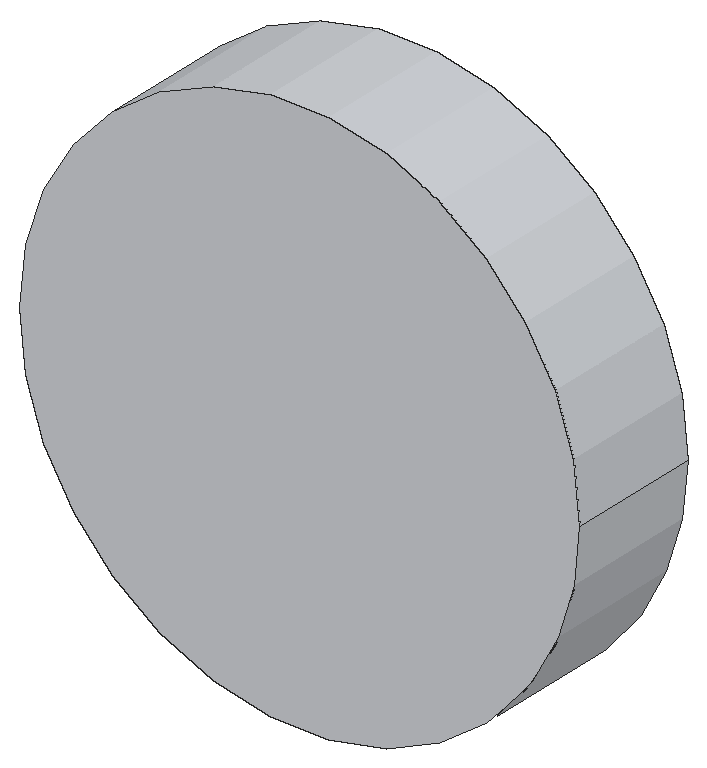
Revit family "Deca_Cuba de piso kids_LC.31", category Plumbing Fixtures, host Face, Revit 2019
Family settings
  Host = Face
  Round Connector Dimension = Use Radius
  Part Type = Normal
  Cut with Voids When Loaded = No
  Shared = No
  Room Calculation Point = No
Parameters (values of type "LC.31.17_Branco")
  Vazão na Pressão mín. (L/min) = "-"
  Vazão na Pressão máx. (L/min) = "-"
  URL = "www.deca.com.br"
  Tipo de rosca de saída = "-"
  Tipo de rosca de entrada = "-"
  Tipo de mecanismo utilizado = "-"
  Tipo de dispositivo economizador = "-"
  Segmento = "Banheiro Luxo"
  Saída de Esgoto = "Válvula Curta"
  Raio Ponto de Esgoto = 0.0125 m  # constant formula
  Pressão mín. funcionamento = "-"
  Pressão mín. Aquec. Passagem = "-"
  Pressão mín. Aquec. Acúmulo = "-"
  Pressão máx. funcionamento = "-"
  Peso Líquido (Kg) = 45.034
  Norma = "NBR-16728-1;NBR-16728-2"
  Model = "LC.31.17"
  Material = Deca_Branco
  Manufacturer = "Deca"
  Linha = "Cubas Espec."
  Itens de Instalação = "1601.C; 1601.C.CLI; 1602.C; 1602.C.PLA"
  Informações Complementares = "-"
  Diâmetro Ponto de Esgoto = 2 * Raio Ponto de Esgoto  # 0.025 m
  Description = "Cuba de piso"
  Default Elevation = 0.00 m
  Código Pai = "LC.31"
  Criado por = "quattroD"
  Cores Componente = "Não Possui"
  Cor Secundária = "-"
  Cor Principal = "Branco"
  Cor Interna = "-"
  Consumo = "-"
  Composição Componente = "Liga de cobre (bronze e latão), elastômeros e plásticos de engenharia."
  Composição Básica = "Argila, feldspato, caulim, vidrados e corantes inorgânicos."
  Composição Assento = "-"
  Composição Anel Vedação = "-"
  Categoria = "CUBAS"
  Atendimento ao Cliente = "0800-0117073"
  Aprovado por = "quattroD"
  Acompanha o Produto = "Ligação Flexível, sifão e parafusos de fixação"
Reference planes (m)
  plane 1 "Center (Front/Back)": y = 0
  plane 2: z = 0
  plane 3 "Center (Left/Right)": x = 0
  plane 4: z = 0.515
Forms (m)
  Extrusion 1, solid
    sketch origin (0, 0, 0) x (1, 0, 0) y (0, 0, 1)
      loop
        circle (0, 0.515) r 0.005
    from -0.202959 to -0.200551
Lines and regions (m)
  Masking region 1
    outline origin (0, 0, 0) x (1, 0, 0) y (0, 1, 0)
      loop
        arc (-0.15, 0.133666) -> (-0.150253, 0.132266) -> (-0.15098, 0.131042) r 0.004
        arc (-0.15098, 0.131042) -> (0, -0.200125) -> (0.15098, 0.131042) r 0.2
        arc (0.15098, 0.131042) -> (0.150253, 0.132266) -> (0.15, 0.133666) r 0.004
        line (0.15, 0.133666) -> (0.15, 0.272875)
        arc (0.15, 0.272875) -> (0.148828, 0.275703) -> (0.146, 0.276875) r 0.004
        line (0.146, 0.276875) -> (-0.146, 0.276875)
        arc (-0.146, 0.276875) -> (-0.148828, 0.275703) -> (-0.15, 0.272875) r 0.004
        line (-0.15, 0.272875) -> (-0.15, 0.133666)
  Masking region 2
    outline origin (0, 0, 0) x (1, 0, 0) y (0, 0, 1)
      loop
        line (0.196671, 0.65) -> (-0.196671, 0.65)
        arc (-0.196671, 0.65) -> (-0.198423, 0.649283) -> (-0.19917, 0.647544) r 0.0025
        line (-0.19917, 0.647544) -> (-0.2, 0.6) -> (-0.198499, 0.513992)
        arc (-0.198499, 0.513992) -> (-0.197541, 0.511464) -> (-0.195194, 0.510123) r 0.004
        line (-0.195194, 0.510123) -> (-0.186505, 0.50859) -> (-0.184488, 0.450384) -> (-0.19136, 0.450073)
        arc (-0.19136, 0.450073) -> (-0.194141, 0.448765) -> (-0.195173, 0.445871) r 0.004
        line (-0.195173, 0.445871) -> (-0.194286, 0.42873)
        arc (-0.194286, 0.42873) -> (-0.193126, 0.426115) -> (-0.190516, 0.424943) r 0.004
        line (-0.190516, 0.424943) -> (-0.183125, 0.424528) -> (-0.180024, 0.386244) -> (-0.187768, 0.384879)
        arc (-0.187768, 0.384879) -> (-0.190266, 0.383349) -> (-0.191052, 0.380528) r 0.004
        arc (-0.191052, 0.380528) -> (-0.157668, 0.18891) -> (-0.098048, 0.003769) r 1.4
        arc (-0.098048, 0.003769) -> (-0.09584, 0.001031) -> (-0.092478, 0) r 0.006
        line (-0.092478, 0) -> (0.092478, 0)
        arc (0.092478, 0) -> (0.09584, 0.001031) -> (0.098048, 0.003769) r 0.006
        arc (0.098048, 0.003769) -> (0.157668, 0.18891) -> (0.191052, 0.380528) r 1.4
        arc (0.191052, 0.380528) -> (0.190266, 0.383349) -> (0.187768, 0.384879) r 0.004
        line (0.187768, 0.384879) -> (0.180024, 0.386244) -> (0.183125, 0.424528) -> (0.190516, 0.424943)
        arc (0.190516, 0.424943) -> (0.193126, 0.426115) -> (0.194286, 0.42873) r 0.004
        line (0.194286, 0.42873) -> (0.195173, 0.445871)
        arc (0.195173, 0.445871) -> (0.194141, 0.448765) -> (0.19136, 0.450073) r 0.004
        line (0.19136, 0.450073) -> (0.184488, 0.450384) -> (0.186505, 0.50859) -> (0.195194, 0.510123)
        arc (0.195194, 0.510123) -> (0.197541, 0.511464) -> (0.198499, 0.513992) r 0.004
        line (0.198499, 0.513992) -> (0.2, 0.6) -> (0.19917, 0.647544)
        arc (0.19917, 0.647544) -> (0.198423, 0.649283) -> (0.196671, 0.65) r 0.0025
  Masking region 3
    outline origin (0, 0, 0) x (0, 1, 0) y (0, 0, 1)
      loop
        line (0.273671, 0.65) -> (-0.194635, 0.65)
        arc (-0.194635, 0.65) -> (-0.196389, 0.649282) -> (-0.197135, 0.64754) r 0.0025
        line (-0.197135, 0.64754) -> (-0.198, 0.597977) -> (-0.198, 0.5)
        arc (-0.198, 0.5) -> (-0.172763, 0.246901) -> (-0.098048, 0.003769) r 1.281792
        arc (-0.098048, 0.003769) -> (-0.095824, 0.001056) -> (-0.092478, 0) r 0.006151
        line (-0.092478, 0) -> (0.092478, 0)
        arc (0.092478, 0) -> (0.09584, 0.001031) -> (0.098048, 0.003769) r 0.006
        spline (0.098048, 0.003769) -> (0.105898, 0.023807) -> (0.113439, 0.043964) -> (0.120669, 0.064234) -> (0.127587, 0.084613) -> (0.134191, 0.105096) -> (0.140479, 0.125678) -> (0.14645, 0.146354) -> (0.152102, 0.16712) -> (0.157435, 0.18797) -> (0.162447, 0.208899) -> (0.167136, 0.229903) -> (0.171501, 0.250977)
        arc (0.171501, 0.250977) -> (0.173234, 0.253865) -> (0.176405, 0.255) r 0.005
        line (0.176405, 0.255) -> (0.274, 0.255)
        arc (0.274, 0.255) -> (0.276119, 0.255876) -> (0.277, 0.257993) r 0.003
        line (0.277, 0.257993) -> (0.277, 0.598003)
        arc (0.277, 0.598003) -> (0.27647, 0.599359) -> (0.275162, 0.599996) r 0.002
        line (0.275162, 0.599996) -> (0.277, 0.599996) -> (0.27617, 0.647544)
        arc (0.27617, 0.647544) -> (0.275423, 0.649283) -> (0.273671, 0.65) r 0.0025
  symbolic lines
    curve 1: line (-0.14, 0.270875, 0) -> (0.14, 0.270875, 0)
    curve 2: line (-0.144, 0.131404, 0) -> (-0.144, 0.266875, 0)
    curve 3: arc (-0.14, 0.270875, 0) -> (-0.142828, 0.269703, 0) -> (-0.144, 0.266875, 0) r 0.004
    curve 4: arc (-0.14501, 0.128747, 0) -> (-0.144261, 0.129983, 0) -> (-0.144, 0.131404, 0) r 0.004
    curve 5: circle (0, -0.000125, 0) r 0.194 normal (0, 0, 1)
    curve 6: arc (-0.078149, 0.162025, 0) -> (-0.151277, 0.097421, 0) -> (-0.179949, 0.00415, 0) r 0.18
    curve 7: arc (-0.086395, 0.141621, 0) -> (-0.140283, 0.088625, 0) -> (-0.16509, 0.01723, 0) r 0.166
    curve 8: arc (-0.100632, 0.113793, 0) -> (-0.131402, 0.076278, 0) -> (-0.148784, 0.030979, 0) r 0.152
    curve 9: arc (-0.110003, 0.083201, 0) -> (-0.120686, 0.0668, 0) -> (-0.12894, 0.049053, 0) r 0.138
    curve 10: circle (0, 0.001875, 0) r 0.032 normal (0, 0, 1)
    curve 11: circle (0, 0.001875, 0) r 0.0225 normal (0, 0, 1)
    curve 12: circle (-0.1, 0.226875, 0) r 0.0175 normal (0, 0, 1)
    curve 13: circle (0, 0.226875, 0) r 0.0175 normal (0, 0, 1)
    curve 14: arc (0.04239, 0.166809, 0) -> (0, 0.17184, 0) -> (-0.04239, 0.166809, 0) r 0.18111
    curve 15: arc (0, -0.172377, 0) -> (-0.117379, -0.126197, 0) -> (-0.171795, -0.012402, 0) r 0.172206
    curve 16: arc (-0.171795, -0.012402, 0) -> (-0.169813, 0.000512, 0) -> (-0.162447, 0.011302, 0) r 0.02949
    curve 17: arc (-0.162447, 0.011302, 0) -> (-0.152437, 0.020215, 0) -> (-0.142062, 0.028702, 0) r 0.319902
    curve 18: arc (-0.142062, 0.028702, 0) -> (-0.121623, 0.04924, 0) -> (-0.106811, 0.074144, 0) r 0.117899
    curve 19: arc (-0.106811, 0.074144, 0) -> (-0.102686, 0.085196, 0) -> (-0.099824, 0.09664, 0) r 0.105173
    curve 20: arc (-0.099824, 0.09664, 0) -> (-0.080009, 0.139011, 0) -> (-0.04239, 0.166809, 0) r 0.095093
    curve 21: line (0.144, 0.131404, 0) -> (0.144, 0.266875, 0)
    curve 22: arc (0.14, 0.270875, 0) -> (0.142828, 0.269703, 0) -> (0.144, 0.266875, 0) r 0.004
    curve 23: arc (0.14501, 0.128747, 0) -> (0.144261, 0.129983, 0) -> (0.144, 0.131404, 0) r 0.004
    curve 24: arc (0.078149, 0.162025, 0) -> (0.151277, 0.097421, 0) -> (0.179949, 0.00415, 0) r 0.18
    curve 25: arc (0.086395, 0.141621, 0) -> (0.140283, 0.088625, 0) -> (0.16509, 0.01723, 0) r 0.166
    curve 26: arc (0.100632, 0.113793, 0) -> (0.131402, 0.076278, 0) -> (0.148784, 0.030979, 0) r 0.152
    curve 27: arc (0.110003, 0.083201, 0) -> (0.120686, 0.0668, 0) -> (0.12894, 0.049053, 0) r 0.138
    curve 28: circle (0.1, 0.226875, 0) r 0.0175 normal (0, 0, -1)
    curve 29: arc (0, -0.172377, 0) -> (0.117379, -0.126197, 0) -> (0.171795, -0.012402, 0) r 0.172206
    curve 30: arc (0.171795, -0.012402, 0) -> (0.169813, 0.000512, 0) -> (0.162447, 0.011302, 0) r 0.02949
    curve 31: arc (0.162447, 0.011302, 0) -> (0.152437, 0.020215, 0) -> (0.142062, 0.028702, 0) r 0.319902
    curve 32: arc (0.142062, 0.028702, 0) -> (0.121623, 0.04924, 0) -> (0.106811, 0.074144, 0) r 0.117899
    curve 33: arc (0.106811, 0.074144, 0) -> (0.102686, 0.085196, 0) -> (0.099824, 0.09664, 0) r 0.105173
    curve 34: arc (0.099824, 0.09664, 0) -> (0.080009, 0.139011, 0) -> (0.04239, 0.166809, 0) r 0.095093
    curve 35: line (-0.2, 0, 0.6) -> (0.2, 0, 0.6)
    curve 36: line (-0.170462, 0, 0.503005) -> (-0.169181, 0, 0.454303)
    curve 37: line (-0.173721, 0, 0.506336) -> (-0.195194, 0, 0.510123)
    curve 38: line (-0.19136, 0, 0.450073) -> (-0.173117, 0, 0.4509)
    curve 39: line (-0.190516, 0, 0.424943) -> (-0.17138, 0, 0.423869)
    curve 40: line (-0.167586, 0, 0.421058) -> (-0.165013, 0, 0.391394)
    curve 41: line (-0.187768, 0, 0.384879) -> (-0.168381, 0, 0.388297)
    curve 42: arc (-0.170462, 0, 0.503005) -> (-0.171556, 0, 0.505194) -> (-0.173721, 0, 0.506336) r 0.004
    curve 43: arc (-0.173117, 0, 0.4509) -> (-0.170559, 0, 0.451919) -> (-0.169181, 0, 0.454303) r 0.004202
    curve 44: arc (-0.17138, 0, 0.423869) -> (-0.169063, 0, 0.423031) -> (-0.167586, 0, 0.421058) r 0.004299
    curve 45: arc (-0.168381, 0, 0.388297) -> (-0.165356, 0, 0.390509) -> (-0.165261, 0, 0.394256) r 0.004247
    curve 46: line (0.170462, 0, 0.503005) -> (0.169181, 0, 0.454303)
    curve 47: line (0.173721, 0, 0.506336) -> (0.195194, 0, 0.510123)
    curve 48: line (0.19136, 0, 0.450073) -> (0.173117, 0, 0.4509)
    curve 49: line (0.190516, 0, 0.424943) -> (0.17138, 0, 0.423869)
    curve 50: line (0.167586, 0, 0.421058) -> (0.165013, 0, 0.391394)
    curve 51: line (0.187768, 0, 0.384879) -> (0.168381, 0, 0.388297)
    curve 52: arc (0.170462, 0, 0.503005) -> (0.171556, 0, 0.505194) -> (0.173721, 0, 0.506336) r 0.004
    curve 53: arc (0.173117, 0, 0.4509) -> (0.170559, 0, 0.451919) -> (0.169181, 0, 0.454303) r 0.004202
    curve 54: arc (0.17138, 0, 0.423869) -> (0.169063, 0, 0.423031) -> (0.167586, 0, 0.421058) r 0.004299
    curve 55: arc (0.168381, 0, 0.388297) -> (0.165356, 0, 0.390509) -> (0.165261, 0, 0.394256) r 0.004247
    curve 56: line (0, -0.197965, 0.599996) -> (0, 0.277, 0.599996)
    curve 57: line (0, 0.131415, 0.478408) -> (0, 0.131415, 0.65)
    curve 58: arc (0, 0.131415, 0.478408) -> (0, 0.125778, 0.3786) -> (0, 0.108792, 0.280087) r 0.874835
    curve 59: arc (0, 0.128135, 0.255) -> (0, 0.112296, 0.262788) -> (0, 0.108792, 0.280087) r 0.02
    curve 60: line (0, 0.176405, 0.255) -> (0, 0.128135, 0.255)
    curve 61: line (0, 0.058053, 0.450073) -> (0, -0.086356, 0.450073)
    curve 62: arc (0, 0.062053, 0.454073) -> (0, 0.060881, 0.451245) -> (0, 0.058053, 0.450073) r 0.004
    curve 63: arc (0, -0.086356, 0.450073) -> (0, -0.089184, 0.451245) -> (0, -0.090356, 0.454073) r 0.004
    curve 64: line (0, -0.084356, 0.500123) -> (0, -0.084356, 0.450073)
    curve 65: line (0, -0.090356, 0.454073) -> (0, -0.090356, 0.506123)
    curve 66: arc (0, -0.084356, 0.500123) -> (0, -0.083184, 0.502951) -> (0, -0.080356, 0.504123) r 0.004
    curve 67: arc (0, -0.090356, 0.506123) -> (0, -0.089184, 0.508951) -> (0, -0.086356, 0.510123) r 0.004
    curve 68: line (0, -0.090356, 0.506123) -> (0, -0.084356, 0.500123)
    curve 69: line (0, -0.080356, 0.504123) -> (0, -0.086356, 0.510123)
    curve 70: line (0, -0.086356, 0.510123) -> (0, 0.058053, 0.510123)
    curve 71: line (0, 0.052053, 0.504123) -> (0, -0.080356, 0.504123)
    curve 72: arc (0, 0.052053, 0.504123) -> (0, 0.054881, 0.502951) -> (0, 0.056053, 0.500123) r 0.004
    curve 73: arc (0, 0.058053, 0.510123) -> (0, 0.060881, 0.508951) -> (0, 0.062053, 0.506123) r 0.004
    curve 74: line (0, 0.058053, 0.510123) -> (0, 0.052053, 0.504123)
    curve 75: line (0, 0.062053, 0.506123) -> (0, 0.056053, 0.500123)
    curve 76: line (0, 0.062053, 0.454073) -> (0, 0.062053, 0.506123)
    curve 77: line (0, 0.056053, 0.500123) -> (0, 0.056053, 0.450073)
    curve 78: line (0, 0.058053, 0.424943) -> (0, -0.086356, 0.424943)
    curve 79: arc (0, -0.090356, 0.420943) -> (0, -0.089184, 0.423772) -> (0, -0.086356, 0.424943) r 0.004
    curve 80: line (0, -0.090356, 0.388879) -> (0, -0.090356, 0.420943)
    curve 81: arc (0, -0.086356, 0.384879) -> (0, -0.089184, 0.38605) -> (0, -0.090356, 0.388879) r 0.004
    curve 82: line (0, -0.086356, 0.384879) -> (0, 0.058053, 0.384879)
    curve 83: arc (0, 0.062053, 0.388879) -> (0, 0.060881, 0.38605) -> (0, 0.058053, 0.384879) r 0.004
    curve 84: line (0, 0.062053, 0.388879) -> (0, 0.062053, 0.420943)
    curve 85: arc (0, 0.058053, 0.424943) -> (0, 0.060881, 0.423772) -> (0, 0.062053, 0.420943) r 0.004
    curve 86: line (0, 0.056053, 0.424943) -> (0, 0.056053, 0.397879)
    curve 87: line (0, -0.084356, 0.424943) -> (0, -0.084356, 0.397879)
    curve 88: line (0, 0.052053, 0.393879) -> (0, -0.080356, 0.393879)
    curve 89: arc (0, -0.080356, 0.393879) -> (0, -0.083184, 0.39505) -> (0, -0.084356, 0.397879) r 0.004
    curve 90: line (0, -0.084356, 0.397879) -> (0, -0.090356, 0.388879)
    curve 91: line (0, -0.080356, 0.393879) -> (0, -0.086356, 0.384879)
    curve 92: arc (0, 0.056053, 0.397879) -> (0, 0.054881, 0.39505) -> (0, 0.052053, 0.393879) r 0.004
    curve 93: line (0, 0.056053, 0.397879) -> (0, 0.062053, 0.388879)
    curve 94: line (0, 0.058053, 0.384683) -> (0, 0.052053, 0.393879)
  model lines, style "PlumbingFixturesHiddenLines"
    curve 95: circle (-0.1, 0.226875, 0.64) r 0.0175 normal (0, 0, 1)
    curve 96: circle (0, 0.226875, 0.64) r 0.0175 normal (0, 0, 1)
    curve 97: circle (0.1, 0.226875, 0.64) r 0.0175 normal (0, 0, -1)
    curve 98: line (-0.1, 0.209375, 0.64) -> (-0.1, 0.244375, 0.64)
    curve 99: line (-0.1175, 0.226875, 0.64) -> (-0.0825, 0.226875, 0.64)
    curve 100: line (-0.0175, 0.226875, 0.64) -> (0.0175, 0.226875, 0.64)
    curve 101: line (0, 0.244375, 0.64) -> (0, 0.209375, 0.64)
    curve 102: line (0.0825, 0.226875, 0.64) -> (0.1175, 0.226875, 0.64)
    curve 103: line (0.1, 0.244375, 0.64) -> (0.1, 0.209375, 0.64)
  symbolic lines, style "PlumbingFixturesHiddenLines"
    curve 104: line (-0.1, 0.244375, 0.64) -> (-0.1, 0.209375, 0.64)
    curve 105: line (-0.1175, 0.226875, 0.64) -> (-0.0825, 0.226875, 0.64)
    curve 106: line (-0.0175, 0.226875, 0.64) -> (0.0175, 0.226875, 0.64)
    curve 107: line (0, 0.209375, 0.64) -> (0, 0.244375, 0.64)
    curve 108: line (0.0825, 0.226875, 0.64) -> (0.1175, 0.226875, 0.64)
    curve 109: line (0.1, 0.209375, 0.64) -> (0.1, 0.244375, 0.64)
Dimensions and locks (m)
  aligned and locked: plane 2 to host face
  aligned and locked: level to host face
Connectors (m)
  piping at (0, 0.200551, 0.515), diameter 0.025, driven by "Raio Ponto de Esgoto"
    settings: on Extrusion 1, index 2, connector inside diameter 609.6 mm, connector length 0.00 m, flow factor 0, pipe flow 0.0 L/s, pressure drop 0.0 Pa, fitting loss kfactor 0, connector angle 0.00°, fixture units 0, engagement length 0.00 m, angle of deflection 0.00°, flow configuration 3, flow direction 2, fitting loss method 4, system type 16, joint type 0, gender type 0, connector reference index -1, connector utility 0, adjustable connector no, is connector primary yes, connector description ""
